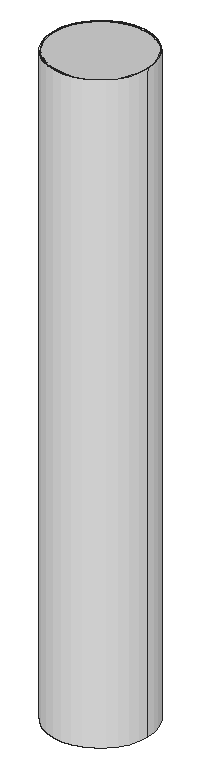
Revit family "CFT - Redondo - Coluna", category Pilares estruturais, Revit 2019
Family settings
  Exibir em vistas ocultas = Arestas ocultadas por outros membros
  Forma do corte = Não definido
  Material para o comportamento do modelo = Concreto
  Exportar sempre como geometria = Não
  Redução da viga na planta = Da geometria
  Corte com vazios quando carregada = Não
  Representação simbólica = Das configurações de projeto
  Compartilhado = Não
  Exibir o pré-corte da família na vista da planta = Sim
Parameters (values of type "Padrão")
  Structural Material [instance] = Concreto - Moldado in loco
  Material da coluna de aço [instance] = Metal - Aço 345 MPa
  Assembly Code = ""
  A = 0.00 m²
  W = 0
  OD = 400 mm
  t = 4 mm
Reference planes
  plane 1 "Centro (Frente/Trás)": y = 0
  plane 2: z = 0
  plane 3 "Centro (Esquerda/Direita)": x = 0
  plane 4: x = -200
  plane 5: x = 200
  plane 6: y = 200
  plane 7: y = -200
  plane 8: x = -196
  plane 9: x = 196
Forms (mm)
  Extrusion 1, solid, material "Metal - Aço 345 MPa" <- "Material da coluna de aço", detail levels medium+fine
    sketch origin (0, 0, 0) x (1, 0, 0) y (0, 1, 0)
      loop
        circle (0, 0) r 200
      loop
        circle (0, 0) r 196
    from 0 to 2500
  Extrusion 2, solid, material "Concreto - Moldado in loco" <- "Structural Material", detail levels medium+fine
    sketch origin (0, 0, 0) x (1, 0, 0) y (0, 1, 0)
      loop
        circle (0, 0) r 196
    from 0 to 2500
Lines and regions (mm)
  symbolic lines, style "StructuralColumnStickSymbols", detail levels coarse
    curve 1: arc (-200, 0, 0) -> (0, -200, 0) -> (200, 0, 0) r 200
    curve 2: arc (200, 0, 0) -> (0, 200, 0) -> (-200, 0, 0) r 200
Dimensions and locks
  equal spacing: plane 4, plane 3 "Centro (Esquerda/Direita)", plane 5
  equal spacing: plane 7, plane 1 "Centro (Frente/Trás)", plane 6
  "OD": plane 7 to plane 6
  "OD": plane 4 to plane 5
  "t": plane 4 to plane 8
  "t": plane 9 to plane 5
  aligned and locked: level to Extrusion 1
  aligned and locked: level to plane 2
  aligned and locked: Extrusion 1 to plane 2
  aligned and locked: curve 1 to Extrusion 1
  aligned and locked: Extrusion 2 sketch curve to Extrusion 1
  aligned and locked: level to Extrusion 2
  aligned and locked: Extrusion 2 to plane 2
Automatic sketch dimensions
  Extrusion 1 sketch curve to plane 1 "Centro (Frente/Trás)" = 0 mm  (x2)
  Extrusion 1 sketch curve to plane 4 = 0 mm
  Extrusion 1 sketch curve to plane 8 = 0 mm
  Extrusion 1 sketch curve to plane 3 "Centro (Esquerda/Direita)" = 0 mm  (x2)
